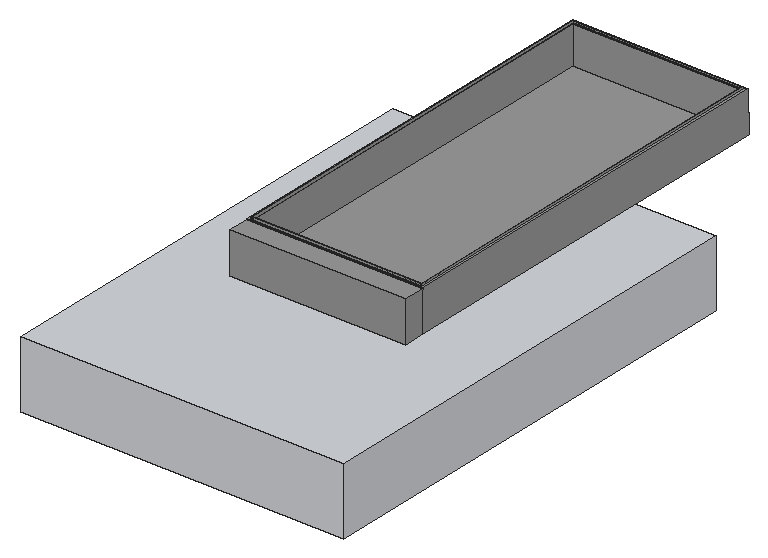
Revit family "Hager-Univers-IP30-D205-H1950-Cl.II-Encl-NL-en", category Equipement électrique, Revit 2020
Family settings
  Hôte = Face
  Configuration du panneau = Deux colonnes, circuits au sein
  Cote de connecteur circulaire = Utiliser le diamètre
  Type d'élément = Tableau de raccordement
  Couper avec des vides une fois chargée = Non
  Partagée = Non
  Point de calcul de pièce = Non
Parameters (values of type "Floor installation IP30 W800 H1950 D205  - FP23S1N")
  Width Control [instance] = if([EF000008 - Width] > Min Width, [EF000008 - Width], Min Width)  # 800 mm
  Commentaires du type = [HG000003 - Range]  # "Univers"
  Thickness Door [instance] = if([EF009171 - Material plate thickness door/cover] > 3 mm, 3 mm, [EF009171 - Material plate thickness door/cover])  # 1 mm
  Seal Frame Offset [instance] = 17 mm  # constant formula
  Plinth Visibility [instance] = [HG000027 - Plinth height] > 0 mm  # yes
  Model = ""
  Min Width [instance] = 100 mm  # constant formula
  Min Height [instance] = 100 mm  # constant formula
  Min Depth [instance] = (2 * [EF009170 - Material plate thickness cabinet]) + 1 mm  # 3 mm
  Internal Frame Depth [instance] = (Door System Depth * 0.5)  # 9 mm
  Height Control [instance] = if([EF000040 - Height] > Min Height, [EF000040 - Height], Min Height)  # 1950 mm
  HG000027 - Plinth height = 100 mm
  HG000026 - Floor standing = yes
  HG000024 - Bottom section height = 800 mm
  HG000023 - Double section enclosure = no
  HG000016 - Door 3d visibility [instance] = yes
  HG000015 - Clearance visibility [instance] = no
  HG000014 - Door on the right [instance] = yes
  HG000013 - Door on the left [instance] = not([HG000014 - Door on the right])  # no
  HG000012 - Door swing angle [instance] = 30.00°
  HG000010 - Asymmetric doors = no
  HG000009 - Double swing door = no
  HG000006 - Flush mounted = no
  HG000004 - Manufacturer reference = "FP23S1N"
  HG000003 - Range = "Univers"
  HG000002 - With door or cover = no
  Frame Offset Bottom [instance] = 10 mm  # constant formula
  Frame Offset [instance] = 15 mm  # constant formula
  EF015940 - Cover with overpressure release = no
  EF011959 - Degree of protection (NEMA) = ""
  EF009554 - Number of openings for flange plates = 6
  EF009212 - Cover model = "EV009916 - With notch"
  EF009171 - Material plate thickness door/cover = 1 mm
  EF009170 - Material plate thickness cabinet = 1 mm
  Fabricant = "Hager"  # constant formula
  EF008873 - Nominal current (In) = 400 A
  EF007800 - Suitable for lightning protection = no
  EF006306 - With lock = no
  EF006244 - Transparent cover/door = no
  EF005474 - Degree of protection (IP) = "EV006410 - IP30"
  EF004464 - Type of door = "EV000494 - None"
  EF004427 - Number of modules = 432
  EF004293 - Impact strength = "EV006813 - IK07"
  EF003532 - Suitable for outdoor use = no
  EF002950 - Width in number of modular spacings = 36
  EF001613 - Circuit integrity = "EV000494 - None"
  EF001596 - Material housing = "EV000179 - Steel"
  EF001131 - Internal depth = 130 mm
  EF001088 - Extension possible = yes
  EF000437 - Number of conduit inlets = 6
  EF000339 - Type of cover = "EV000494 - None"
  EF000266 - Number of rows = 12
  EF000218 - Built-in depth = 0 mm
  EF000118 - With mounting plate = no
  EF000116 - RAL-number = "9010"
  EF000049 - Depth = 205 mm
  EF000040 - Height = 1950 mm
  EF000008 - Width = 800 mm
  EF000007 - Colour = "EV000202 - White"
  EF000003 - Mounting method = "EV012274 - Floor installation"
  Door System Leaf Tolerance [instance] = 1.5 mm  # constant formula
  Door System Depth [instance] = 18 mm  # constant formula
  Door Height [instance] = Height Control - [HG000027 - Plinth height]  # 1850 mm
  Depth Control [instance] = if([EF000049 - Depth] > Min Depth, [EF000049 - Depth], Min Depth)  # 205 mm
  Default Elevation = 0 mm
  Connector Offset [instance] = Height Control / 2  # 975 mm
  Bottom Top Plate Trim [instance] = 1.5 mm  # constant formula
  Plinth height Ctrl [instance] = if([HG000027 - Plinth height] > 0 mm, [HG000027 - Plinth height], 12 mm)  # 100 mm
Types (5, lengths in mm): name | Width Control | HG000004 - Manufacturer reference | EF009554 - Number of openings for flange plates | EF008873 - Nominal current (In) | EF004427 - Number of modules | EF002950 - Width in number of modular spacings | EF000437 - Number of conduit inlets | EF000008 - Width
  Floor installation IP30 W1050 H1950 D205  - FP24S1N | 1050 | "FP24S1N" | 8 | 400 A | 576 | 48 | 8 | 1050
  Floor installation IP30 W1300 H1950 D205  - FP25S1N | 1300 | "FP25S1N" | 10 | 400 A | 720 | 60 | 10 | 1300
  Floor installation IP30 W300 H1950 D205  - FP21S1N | 300 | "FP21S1N" | 2 | 250 A | 144 | 12 | 2 | 300
  Floor installation IP30 W550 H1950 D205  - FP22S1N | 550 | "FP22S1N" | 4 | 400 A | 288 | 24 | 4 | 550
  Floor installation IP30 W800 H1950 D205  - FP23S1N | 800 | "FP23S1N" | 6 | 400 A | 432 | 36 | 6 | 800
Reference planes
  plane 1 "Center (Front/Back)": y = 0
  plane 2: z = 0
  plane 3 "Center (Left/Right)": x = 0
  plane 4: z = 205
  plane 5: y = 101
  plane 6: y = 1025
  plane 7: y = 100
  plane 8: y = 1950
  plane 9: z = 0
  plane 10: x = -385
  plane 11: x = 385
  plane 12: x = 384
  plane 13: x = -384
  plane 14: y = 1949
  plane 15: x = -383
  plane 16: x = -400
  plane 17: x = 383
  plane 18: x = 400
  plane 19: x = 399
  plane 20: x = -399
  plane 21: y = 111
  plane 22: y = 1950
  plane 23: y = 1934
  plane 24: z = 187
  plane 25: z = 1
  plane 26: z = 186
  plane 27: z = 204
Forms (mm)
  Extrusion 1, solid
    sketch origin (0, 0, 0) x (1, 0, 0) y (0, 1, 0)
      loop
        line (-702.964, 1305) -> (-702.964, -811.445) -> (766.763, -811.445) -> (766.763, 1305) -> (-702.964, 1305)
    from 0 to -304.8
  Extrusion 2, solid, material "Hager_Steel_RAL7035_Light_Grey", visible <- "Plinth Visibility", detail levels medium+fine
    sketch origin (0, 0, 0) x (1, 0, 0) y (0, 1, 0)
      loop
        line (-400, 0) -> (400, 0) -> (400, 100) -> (-400, 100) -> (-400, 0)
    from 0 to 187
  Extrusion 3, solid, material "Hager_Steel_RAL7035_Light_Grey", detail levels medium+fine
    sketch origin (0, 0, 0) x (1, 0, 0) y (0, 1, 0)
      loop
        line (-400, 100) -> (400, 100) -> (400, 1950) -> (-400, 1950) -> (-400, 100)
    from 0 to 187
  Extrusion 4, void
    sketch origin (0, 0, 0) x (1, 0, 0) y (0, 1, 0)
      loop
        line (-399, 101) -> (399, 101) -> (399, 1949) -> (-399, 1949) -> (-399, 101)
    from 1 to 186
  Extrusion 5, void
    sketch origin (-381.607, -4572, 187) x (0, -1, 0) y (-1, 0, 0)
      loop
        line (-4683, 2.393) -> (-6506, 2.393) -> (-6506, -765.607) -> (-4683, -765.607) -> (-4683, 2.393)
    from 0 to 1 <- "EF009170 - Material plate thickness cabinet"
  Extrusion 6, solid, material "Hager_Steel_RAL7035_Light_Grey", detail levels fine
    sketch origin (0, 0, 187) x (1, 0, 0) y (0, 1, 0)
      loop
        line (-384, 1934) -> (-384, 111) -> (384, 111) -> (384, 1934) -> (-384, 1934)
      loop
        line (-385, 110) -> (385, 110) -> (385, 1935) -> (-385, 1935) -> (-385, 110)
    from 0 to 9 <- "Internal Frame Depth"
  Extrusion 7, solid, material "Hager_Steel_RAL7035_Light_Grey", detail levels coarse
    sketch origin (0, 0, 0) x (1, 0, 0) y (0, 1, 0)
      loop
        line (-400, 0) -> (400, 0) -> (400, 1950) -> (-400, 1950) -> (-400, 0)
    from 0 to 205
  Sweep 8, void
    path in 3D
      loop
        line (-400, 100, 0) -> (400, 100, 0) -> (400, 100, 187) -> (-400, 100, 187) -> (-400, 100, 0)
    profile origin (-400, 100, 93.5) x (-1, 0, 0) y (0, -1, 0)
      loop
        line (0, 0) -> (0, 1.5) -> (-1.5, 1.5)
        arc (-1.5, 1.5) -> (-1.061, 0.439) -> (0, 0) r 1.5
Cuts and joins
  Extrusion 4, Extrusion 5 cuts Extrusion 3
  Sweep 8 cuts Extrusion 2
Lines and regions (mm)
  Masking region 1
    outline origin (0, 0, 0) x (1, 0, 0) y (0, 0, 1)
      loop
        line (-400, 205) -> (-400, 0) -> (400, 0) -> (400, 205) -> (-400, 205)
  Masking region 2, detail levels medium+fine
    outline origin (0, 140, 0) x (0, 1, 0) y (0, 0, 1)
      loop
        line (-40, 0) -> (1810, 0) -> (1810, 187) -> (-40, 187) -> (-40, 0)
  Masking region 3, not visible, detail levels medium+fine
    outline origin (0, 297.922, 0) x (0, 1, 0) y (0, 0, 1)
      loop
        line (738.578, 0) -> (778.578, 0) -> (778.578, 194)
        arc (778.578, 194) -> (775.649, 201.071) -> (768.578, 204) r 10
        line (768.578, 204) -> (738.578, 204) -> (738.578, 0)
  Masking region 4, detail levels coarse
    outline origin (0, 0, 180) x (0, 1, 0) y (0, 0, 1)
      loop
        line (0, -180) -> (1950, -180) -> (1950, 25) -> (0, 25) -> (0, -180)
  Masking region 5, visible <- "Plinth Visibility", detail levels medium+fine
    outline origin (0, 52.24, 12.345) x (0, 0, -1) y (0, 1, 0)
      loop
        line (10.845, 47.76) -> (-173.155, 47.76)
        arc (-173.155, 47.76) -> (-173.594, 46.699) -> (-174.655, 46.26) r 1.5
        line (-174.655, 46.26) -> (-174.655, -52.24) -> (12.345, -52.24) -> (12.345, 46.26)
        arc (12.345, 46.26) -> (11.285, 46.699) -> (10.845, 47.76) r 1.5
  Masking region 6, detail levels medium+fine
    outline origin (-381.607, -4572, 187) x (-1, 0, 0) y (0, -1, 0)
      loop
        line (18.393, -6522) -> (18.393, -4672) -> (-781.607, -4672) -> (-781.607, -6522) -> (18.393, -6522)
  Masking region 7, visible <- "Plinth Visibility", detail levels medium+fine
    outline origin (-381.607, -4727, 187) x (-1, 0, 0) y (0, -1, 0)
      loop
        arc (16.893, -4827) -> (17.332, -4825.939) -> (18.393, -4825.5) r 1.5
        line (18.393, -4825.5) -> (18.393, -4727) -> (-781.607, -4727) -> (-781.607, -4825.5)
        arc (-781.607, -4825.5) -> (-780.546, -4825.939) -> (-780.107, -4827) r 1.5
        line (-780.107, -4827) -> (16.893, -4827)
  Masking region 8, detail levels coarse
    outline origin (-442.548, -4669.526, 187) x (-1, 0, 0) y (0, -1, 0)
      loop
        line (-42.548, -6619.526) -> (-42.548, -4669.526) -> (-842.548, -4669.526) -> (-842.548, -6619.526) -> (-42.548, -6619.526)
  sketch lines
    curve 1: line (-400, 100, 187) -> (-400, 100, 0)
    curve 2: line (400, 100, 187) -> (-400, 100, 187)
    curve 3: line (400, 100, 187) -> (400, 100, 0)
    curve 4: line (-400, 100, 0) -> (400, 100, 0)
Dimensions and locks
  "Depth Control": plane 4 to Extrusion 1
  "HG000027 - Plinth height": plane 1 "Center (Front/Back)" to plane 7
  "EF009170 - Material plate thickness cabinet": plane 5 to plane 7
  locked: connector elem to plane 3 "Center (Left/Right)"
  equal spacing: plane 8, plane 6, plane 7
  locked: connector elem to plane 6
  "EF009170 - Material plate thickness cabinet": plane 8 to plane 14
  "EF009170 - Material plate thickness cabinet": plane 10 to plane 13
  "EF009170 - Material plate thickness cabinet": plane 12 to plane 11
  "Frame Offset": plane 20 to plane 13
  "Frame Offset": plane 12 to plane 19
  "EF009170 - Material plate thickness cabinet": plane 16 to plane 20
  "EF009170 - Material plate thickness cabinet": plane 19 to plane 18
  "Seal Frame Offset": plane 16 to plane 15
  "Seal Frame Offset": plane 17 to plane 18
  "Frame Offset Bottom": plane 21 to plane 5
  "Frame Offset": plane 14 to plane 23
  equal spacing: plane 16, plane 3 "Center (Left/Right)", plane 18
  "Width Control": plane 16 to plane 18
  "EF009170 - Material plate thickness cabinet": plane 4 to plane 27
  "EF009170 - Material plate thickness cabinet": plane 24 to plane 26
  "EF009170 - Material plate thickness cabinet": plane 25 to level
  "Door System Depth": plane 4 to plane 24
  "Height Control": plane 1 "Center (Front/Back)" to Extrusion 7 sketch curve
  "Height Control": Masking region 4 sketch curve to plane 1 "Center (Front/Back)"
  "Height Control": plane 1 "Center (Front/Back)" to plane 22
  "Bottom Top Plate Trim": profile plane to Sweep 8 sketch curve
  "Bottom Top Plate Trim": Sweep 8 sketch curve to profile plane
  "Plinth height Ctrl": plane 1 "Center (Front/Back)" to Extrusion 2 sketch curve
  "Plinth height Ctrl": Masking region 5 sketch curve to plane 1 "Center (Front/Back)"
  "Plinth height Ctrl": plane 1 "Center (Front/Back)" to Masking region 7 sketch curve
  "Thickness Door": Extrusion 6 sketch curve to Extrusion 6 sketch curve  (x3)
  "Thickness Door": cut or joined group of Extrusion 3, Extrusion 4, Extrusion 5 to Extrusion 6 sketch curve
  radius of Masking region 3 sketch curve = 10 mm
  "Bottom Top Plate Trim": radius of Masking region 5 sketch curve  (x2)
  "Bottom Top Plate Trim": radius of Sweep 8 sketch curve
  "Bottom Top Plate Trim": radius of Masking region 7 sketch curve  (x2)
  aligned and locked: plane 2 to Extrusion 1
  aligned and locked: level to Extrusion 1
  aligned and locked: level to Masking region 1 sketch curve
  aligned and locked: Masking region 1 sketch curve to plane 18
  aligned and locked: Masking region 1 sketch curve to plane 16
  aligned and locked: plane 7 to Masking region 2 sketch curve
  aligned and locked: level to Masking region 3 sketch curve
  aligned and locked: Masking region 3 sketch curve to plane 27
  aligned and locked: level to Masking region 2 sketch curve
  aligned and locked: plane 1 "Center (Front/Back)" to Extrusion 2 sketch curve
  aligned and locked: Extrusion 3 sketch curve to plane 7
  aligned and locked: plane 16 to Extrusion 3 sketch curve
  aligned and locked: plane 18 to Extrusion 3 sketch curve
  aligned and locked: plane 20 to Extrusion 4 sketch curve
  aligned and locked: plane 19 to Extrusion 4 sketch curve
  aligned and locked: Extrusion 4 sketch curve to plane 5
  aligned and locked: Extrusion 4 to plane 25
  aligned and locked: plane 26 to Extrusion 4
  aligned and locked: plane 24 to Extrusion 3
  aligned and locked: Extrusion 5 sketch curve to plane 21
  aligned and locked: Extrusion 5 sketch curve to plane 13
  aligned and locked: Extrusion 5 sketch curve to plane 12
  aligned and locked: plane 18 to Extrusion 7 sketch curve
  aligned and locked: plane 1 "Center (Front/Back)" to Extrusion 7 sketch curve
  aligned and locked: plane 16 to Extrusion 7 sketch curve
  aligned and locked: plane 4 to Extrusion 7
  aligned and locked: Extrusion 7 to level
  aligned and locked: level to Masking region 4 sketch curve
  aligned and locked: Masking region 4 sketch curve to plane 1 "Center (Front/Back)"
  aligned and locked: Masking region 4 sketch curve to plane 4
  aligned and locked: nested 1 to level
  aligned and locked: nested 1 to plane 16
  aligned and locked: plane 8 to Extrusion 3 sketch curve
  aligned and locked: plane 23 to Extrusion 5 sketch curve
  aligned and locked: plane 14 to Extrusion 4 sketch curve
  aligned and locked: Masking region 2 sketch curve to plane 8
  aligned and locked: level to Masking region 5 sketch curve
  aligned and locked: plane 16 to Extrusion 2 sketch curve
  aligned and locked: plane 18 to Extrusion 2 sketch curve
  aligned and locked: Masking region 5 sketch curve to plane 24
  aligned and locked: Masking region 2 sketch curve to plane 24
  aligned and locked: plane 24 to Extrusion 2
  aligned and locked: profile plane to Sweep 8 sketch curve  (x2)
  aligned and locked: Masking region 6 sketch curve to plane 18
  aligned and locked: Masking region 6 sketch curve to plane 22
  aligned and locked: Masking region 6 sketch curve to plane 16
  aligned and locked: plane 8 to plane 22
  aligned and locked: Masking region 6 sketch curve to plane 7
  aligned and locked: Masking region 7 sketch curve to plane 16
  aligned and locked: Masking region 7 sketch curve to plane 1 "Center (Front/Back)"
  aligned and locked: Masking region 7 sketch curve to plane 18
  aligned and locked: Masking region 8 sketch curve to plane 1 "Center (Front/Back)"
  aligned and locked: Masking region 8 sketch curve to plane 18
  aligned and locked: Masking region 8 sketch curve to plane 22
  aligned and locked: Masking region 8 sketch curve to plane 16
  aligned and locked: nested 2 to plane 7
  aligned and locked: plane 3 "Center (Left/Right)" to nested 2
  aligned and locked: nested 2 to plane 24
  aligned and locked: Extrusion 6 sketch curve to cut or joined group of Extrusion 3, Extrusion 4, Extrusion 5  (x4)
Automatic sketch dimensions
  Extrusion 1 sketch curve to Extrusion 1 sketch curve = 1469.727 mm
  Extrusion 1 sketch curve to Extrusion 1 sketch curve = 2116.445 mm
  Masking region 1 sketch curve to plane 4 = 0 mm
  plane 6 to Masking region 3 sketch curve = 11.5 mm
  Masking region 3 sketch curve to Masking region 3 sketch curve = 30 mm
  Masking region 5 sketch curve to plane 1 "Center (Front/Back)" = 0 mm
Nested families
  nested 1: "Hager_Enclosure_Symbol" at (-400, 0, 0) x (1, 0, 0) z (0, -1, 0), Height <- "Depth Control", Width <- "Width Control", type "Hager_Enclosure_Symbol"
    with Width_Ctrl 800 mm, Width 800 mm, Height_Ctrl 205 mm, Height 205 mm, A_Width_Int 13.453 mm, A_Width 161.438 mm, A_Height_Ctrl 179.375 mm, A_Height 179.375 mm
  nested 2: "EC000058_Univers_Door" at (0, 100, 187) x (1, 0, 0) z (0, 1, 0), Leaf_Tolerance <- "Door System Leaf Tolerance", Angle <- "HG000012 - Door swing angle", Door_Depth <- "Door System Depth", Door_Left <- "HG000013 - Door on the left", Transparent <- "EF006244 - Transparent cover/door", Assymetrical <- "HG000010 - Asymmetric doors", Width <- "Width Control", Clearance <- "HG000015 - Clearance visibility", Double <- "HG000009 - Double swing door", 3d_Door <- "HG000016 - Door 3d visibility", Lock_Visibility <- "EF006306 - With lock", Width_Ctrl <- "Width Control", Door_Right <- "HG000014 - Door on the right", Door <- "HG000002 - With door or cover", Height <- "Door Height", Thickness <- "Thickness Door", type "EC000058_Univers_Door", detail levels medium+fine
    with min_wh 3 mm, Width_Ctrl 800 mm, Width 800 mm, Transparent no, Thickness 1 mm, Seal_Material Hager_Rubber, Lock_Visibility no, Lock_Material Hager_Plastic_RAL9005_Jet_Black, Leaf_Width 800 mm, Leaf_Tolerance_External_Sides 0 mm, Leaf_Tolerance 1.5 mm, Leaf_Offset 0 mm, Leaf_Height 1847 mm, Leaf_2_Width 800 mm, Leaf_2_Offset 400 mm, Leaf_1_Width 800 mm, Leaf_1_Offset 400 mm, Height_Ctrl 1850 mm, Height 1850 mm, Glass_Material Hager_Glass, Double_Clearance_Ctrl no, Double no, Door_Right_Ctrl no, Door_Right yes, Door_Material Hager_Steel_RAL7035_Light_Grey, Door_Left_Ctrl no, Door_Left no, Door_Depth 18 mm, Door no, Clearance_Material Hager_Clearance, Clearance_Depth 800 mm, Clearance_Ctrl no, Clearance no, Assymetrical no, Angle 30.00°, 3d_Door yes
Connectors
  electrical at (0, 1025, 0)
    settings: on plane 9, index 1, voltage 0 V, apparent load 0 VA, apparent load phase1 0 VA, apparent load phase2 0 VA, apparent load phase3 0 VA, power factor 1, load classification "Other", number of poles 1, system type 30, power factor state 1, is connector primary yes, connector utility no, sub classification motor no, connector description ""
Definition of nested family "Hager_Enclosure_Symbol"
  Parameters (values of type "Hager_Enclosure_Symbol")
    Width_Ctrl [instance] = if(Width > 1 mm, Width, 1 mm)  # 102.27 mm
    Width [instance] = 102.27 mm
    Height_Ctrl [instance] = if(Height > 1 mm, Height, 1 mm)  # 66.5 mm
    A_Width_Int [instance] = if(A_Width / 12 > 2 mm, A_Width / 12, 2 mm)  # 4.364 mm
    A_Width [instance] = if(A_Height_Ctrl * 0.9 > 2 mm, A_Height_Ctrl * 0.9, 2 mm)  # 52.369 mm
    A_Height_Ctrl [instance] = if(A_Height > 2 mm, A_Height, 2 mm)  # 58.188 mm
    Height [instance] = 66.5 mm
    A_Height [instance] = Height - (Height / 8)  # 58.188 mm
  Reference planes
    plane 1 "Centre (avant/arrière)": y = 0
    plane 2: z = 0
    plane 3 "Centre (gauche/droite)": x = 0
    plane 4: x = 52.369
    plane 5: y = 33.042
    plane 6: y = 41.77
    plane 7: y = 66.5
    plane 8: x = 26.184
    plane 9: y = 37.406
    plane 10: x = 102.27
    plane 11: y = 66.5
    plane 12: y = 8.313
  Lines and regions (mm)
    Filled region 1, type "Solid_Black", in view "Niveau de réf."
      outline origin (0, 0, 0) x (1, 0, 0) y (0, 1, 0)
        loop
          line (52.369, 66.5) -> (33.188, 54.536) -> (45.365, 45.006) -> (52.369, 66.5)
    Filled region 2, type "Solid_Black", in view "Niveau de réf."
      outline origin (0, 0, 0) x (1, 0, 0) y (0, 1, 0)
        loop
          line (0, 0) -> (102.27, 0) -> (102.27, 66.5) -> (0, 0)
    detail lines, in view "Niveau de réf."
      curve 1: line (0, 8.313, 0) -> (26.184, 41.77, 0)
      curve 2: line (26.184, 41.77, 0) -> (26.184, 33.042, 0)
      curve 3: line (26.184, 33.042, 0) -> (52.369, 66.5, 0)
  Dimensions and locks
    "A_Width": plane 3 "Centre (gauche/droite)" to plane 4
    equal spacing: plane 3 "Centre (gauche/droite)", plane 8, plane 4
    equal spacing: plane 6, plane 9, plane 5
    equal spacing: curve 3, Filled region 1 sketch curve, Filled region 1 sketch curve
    "Height_Ctrl": plane 1 "Centre (avant/arrière)" to plane 11
    "A_Height_Ctrl": plane 11 to plane 12
    equal spacing: plane 11, plane 9, plane 12
    "A_Width_Int": plane 6 to plane 9
    "Width_Ctrl": plane 3 "Centre (gauche/droite)" to plane 10
    angle Filled region 1 sketch curve to curve 3 = 20.00°
    angle curve 3 to Filled region 1 sketch curve = 20.00°
    locked: curve 3 to Filled region 1 sketch curve (angle 90.00°)
    aligned and locked: plane 10 to Filled region 2
    aligned and locked: plane 11 to Filled region 2 sketch curve
    aligned and locked: plane 10 to Filled region 2 sketch curve
    aligned and locked: plane 3 "Centre (gauche/droite)" to curve 1
    aligned and locked: plane 12 to curve 1
    aligned and locked: plane 7 to plane 11
  Automatic sketch dimensions
    Filled region 1 sketch curve to plane 4 = 0 mm
    Filled region 1 sketch curve to plane 7 = 0 mm
    plane 1 "Centre (avant/arrière)" to Filled region 2 sketch curve = 0 mm
    Filled region 2 sketch curve to plane 3 "Centre (gauche/droite)" = 0 mm
    curve 2 to plane 6 = 0 mm
    curve 2 to plane 8 = 0 mm
    curve 3 to plane 4 = 0 mm
    curve 2 to plane 5 = 0 mm
    curve 3 to plane 7 = 0 mm
Definition of nested family "EC000058_Univers_Door"
  Parameters (values of type "EC000058_Univers_Door")
    min_wh [instance] = (2 * Thickness) + 1 mm  # 11 mm
    Width_Ctrl [instance] = 400 mm
    Width [instance] = 500 mm
    Transparent [instance] = yes
    Thickness [instance] = 5 mm
    Seal_Material [instance] = none
    Lock_Visibility [instance] = yes
    Lock_Material [instance] = none
    Leaf_Width [instance] = if((Width_Ctrl - 2 * Leaf_Tolerance_External_Sides) > 0 mm, (Width_Ctrl - 2 * Leaf_Tolerance_External_Sides), min_wh)  # 400 mm
    Leaf_Tolerance_External_Sides [instance] = 0 mm  # constant formula
    Leaf_Tolerance [instance] = 1.5 mm
    Leaf_Offset [instance] = 0 mm  # constant formula
    Leaf_Height [instance] = if((Height_Ctrl - 2 * Leaf_Tolerance) > 0 mm, (Height_Ctrl - 2 * Leaf_Tolerance), min_wh)  # 497 mm
    Leaf_2_Width [instance] = if(and(and(Double, Assymetrical), Door_Left), (Leaf_Width / 3) - (Leaf_Tolerance / 2), if(and(and(Double, Assymetrical), Door_Right), (Leaf_Width / 3) * 2 - (Leaf_Tolerance / 2), if(and(Double, not(Assymetrical)), (Leaf_Width / 2) - Leaf_Tolerance, Leaf_Width)))  # 400 mm
    Leaf_2_Offset [instance] = if(and(Double, Assymetrical), Leaf_2_Width / 2, if(and(Double, not(Assymetrical)), Leaf_Width / 4, Leaf_Width / 2))  # 200 mm
    Leaf_1_Width [instance] = if(and(and(Double, Assymetrical), Door_Right), (Leaf_Width / 3) - (Leaf_Tolerance / 2), if(and(and(Double, Assymetrical), Door_Left), (Width / 3) * 2 - (Leaf_Tolerance / 2), if(and(Double, not(Assymetrical)), (Leaf_Width / 2) - Leaf_Tolerance, Leaf_Width)))  # 400 mm
    Leaf_1_Offset [instance] = if(and(Double, Assymetrical), Leaf_1_Width / 2, if(and(Double, not(Assymetrical)), Leaf_Width / 4, Leaf_Width / 2))  # 200 mm
    Height_Ctrl [instance] = if(Height > min_wh, Height, min_wh)  # 500 mm
    Height [instance] = 500 mm
    Glass_Material [instance] = none
    Double_Clearance_Ctrl [instance] = and(Double, Clearance)  # no
    Double [instance] = no
    Door_Right_Ctrl [instance] = and(or(Door_Right, Double), Door)  # yes
    Door_Right [instance] = yes
    Door_Material [instance] = none
    Door_Left_Ctrl [instance] = and(or(Door_Left, Double), Door)  # no
    Door_Left [instance] = no
    Door_Depth [instance] = 30 mm
    Door [instance] = yes
    Default Elevation = 1219.2 mm
    Clearance_Material [instance] = none
    Clearance_Depth [instance] = if(Leaf_1_Width > Leaf_2_Width, Leaf_1_Width, Leaf_2_Width)  # 400 mm
    Clearance_Ctrl [instance] = and(not(Double), Clearance)  # yes
    Clearance [instance] = yes
    Assymetrical [instance] = yes
    Angle [instance] = 30.00°
    3d_Door [instance] = yes
  Reference planes
    plane 1 "Center (Front/Back)": y = 0
    plane 2 "Bottom": z = 0
    plane 3 "Center (Left/Right)": x = 0
    plane 4: z = 500
    plane 5: x = -200
    plane 6: x = 200
    plane 7: z = 500
    plane 8: x = -200
    plane 9: z = 0
    plane 10: x = 200
    plane 11: y = 0
    plane 12: z = 1.5
    plane 13: x = -600
    plane 14: y = -400
    plane 15: x = 600
    plane 16: x = 0
    plane 17: x = 0
    plane 18: x = -200
    plane 19: x = 200
    plane 20: z = 498.5
  Forms (mm)
    Extrusion 1, solid, material <- "Clearance_Material", visible <- "Double_Clearance_Ctrl"
      sketch origin (1200, 0, 0) x (1, 0, 0) y (0, 0, -1)
        loop
          line (-1800, -498.5) -> (-600, -498.5) -> (-600, 0) -> (-1800, 0) -> (-1800, -498.5)
      from 0 to -400
  Dimensions and locks
    equal spacing: plane 5, plane 3 "Center (Left/Right)", plane 6
    "Width_Ctrl": plane 5 to plane 6
    "Leaf_Offset": plane 5 to plane 8
    "Leaf_Offset": plane 6 to plane 10
    "Leaf_Offset": plane 9 to level
    "Leaf_Offset": plane 4 to plane 7
    "Height_Ctrl": plane 4 to level
    "Leaf_Tolerance": plane 12 to plane 9
    locked: plane 11 to plane 1 "Center (Front/Back)"
    "Leaf_1_Offset": plane 18 to plane 16
    "Leaf_2_Offset": plane 17 to plane 19
    "Leaf_1_Width": plane 13 to plane 8
    "Leaf_2_Width": plane 10 to plane 15
    "Clearance_Depth": plane 14 to plane 1 "Center (Front/Back)"
    "Leaf_Tolerance_External_Sides": plane 8 to plane 18
    "Leaf_Tolerance_External_Sides": plane 19 to plane 10
    "Leaf_Tolerance": plane 7 to plane 20
    aligned and locked: level to plane 2 "Bottom"
    aligned and locked: nested 1 to plane 16
    aligned and locked: nested 2 to plane 17
    aligned and locked: Extrusion 1 to plane 13
    aligned and locked: plane 15 to Extrusion 1
    aligned and locked: Extrusion 1 to plane 14
    aligned and locked: plane 12 to nested 1
    aligned and locked: nested 2 to plane 12
    aligned and locked: Extrusion 1 to plane 11
    aligned and locked: plane 20 to Extrusion 1
    aligned and locked: nested 2 to plane 11
    aligned and locked: nested 1 to plane 11
  Automatic sketch dimensions
    Extrusion 1 sketch curve to level = 0 mm
    plane 5 to Extrusion 1 sketch curve = 400 mm
    plane 6 to Extrusion 1 sketch curve = 400 mm
    Extrusion 1 sketch curve to plane 4 = 1.5 mm
  Nested families
    nested 1: "EC000058_Univers_Door_Leaf" at (0, 0, 1.5), Width <- "Leaf_1_Width", visible <- "Door_Left_Ctrl", Leaf_Height <- "Leaf_Height", Angle <- "Angle", 3d_Door <- "3d_Door", Transparent <- "Transparent", Clearance Material <- "Clearance_Material", Clearance <- "Clearance_Ctrl", Door_Material <- "Door_Material", Glass_Material <- "Glass_Material", Door_Depth <- "Door_Depth", Lock_Material <- "Lock_Material", Seal_Material <- "Seal_Material", Lock_Visibility <- "Lock_Visibility", Thickness <- "Thickness", type "EC000058_Univers_Door_Leaf"
      with Width 400 mm, Transparent_Glass_Offset 30 mm, Transparent_Ctrl yes, Transparent yes, Thickness 5 mm, Standard no, Seal_Material none, Seal_D2 8 mm, Seal_D1 1 mm, Offset_Internal_Frame 10 mm, Lock_Width 20 mm, Lock_Visibility_3d yes, Lock_Visibility yes, Lock_Thickness_3 3 mm, Lock_Thickness_2 1 mm, Lock_Thickness_1 3 mm, Lock_Radius_Offset_2 16 mm, Lock_Radius_Offset_1 15 mm, Lock_Radius_2 5 mm, Lock_Radius 6 mm, Lock_Offset 5 mm, Lock_Material none, Lock_Height 80 mm, Lock_Cover_Top_Offset_2d 17 mm, Lock_Cover_Height -65 mm, Leaf_Height 497 mm, Internal_Seal_Thickness 8 mm, Internal_Seal_Depth_2 4.5 mm, Internal_Frame_Depth 25 mm, Glass_Thickness -1 mm, Glass_Offset -2 mm, Glass_Material none, Door_Material none, Door_Depth 30 mm, Clearance Material none, Clearance yes, Angle_Ctrl 30.00°, Angle 30.00°, 3d_Door yes
    nested 2: "EC000058_Univers_Door_Leaf" at (0, 0, 1.5) x (-1, 0, 0) z (0, 0, 1), Width <- "Leaf_2_Width", visible <- "Door_Right_Ctrl", Leaf_Height <- "Leaf_Height", Angle <- "Angle", 3d_Door <- "3d_Door", Transparent <- "Transparent", Clearance Material <- "Clearance_Material", Clearance <- "Clearance_Ctrl", Door_Material <- "Door_Material", Glass_Material <- "Glass_Material", Door_Depth <- "Door_Depth", Lock_Material <- "Lock_Material", Seal_Material <- "Seal_Material", Lock_Visibility <- "Lock_Visibility", Thickness <- "Thickness", type "EC000058_Univers_Door_Leaf"
      with Width 400 mm, Transparent_Glass_Offset 30 mm, Transparent_Ctrl yes, Transparent yes, Thickness 5 mm, Standard no, Seal_Material none, Seal_D2 8 mm, Seal_D1 1 mm, Offset_Internal_Frame 10 mm, Lock_Width 20 mm, Lock_Visibility_3d yes, Lock_Visibility yes, Lock_Thickness_3 3 mm, Lock_Thickness_2 1 mm, Lock_Thickness_1 3 mm, Lock_Radius_Offset_2 16 mm, Lock_Radius_Offset_1 15 mm, Lock_Radius_2 5 mm, Lock_Radius 6 mm, Lock_Offset 5 mm, Lock_Material none, Lock_Height 80 mm, Lock_Cover_Top_Offset_2d 17 mm, Lock_Cover_Height -65 mm, Leaf_Height 497 mm, Internal_Seal_Thickness 8 mm, Internal_Seal_Depth_2 4.5 mm, Internal_Frame_Depth 25 mm, Glass_Thickness -1 mm, Glass_Offset -2 mm, Glass_Material none, Door_Material none, Door_Depth 30 mm, Clearance Material none, Clearance yes, Angle_Ctrl 30.00°, Angle 30.00°, 3d_Door yes
  Definition of nested family "EC000058_Univers_Door_Leaf"
    Parameters (values of type "EC000058_Univers_Door_Leaf")
      Width [instance] = 2000 mm
      Transparent_Glass_Offset [instance] = 30 mm
      Transparent_Ctrl [instance] = and(Transparent, [3d_Door])  # yes
      Transparent [instance] = yes
      Thickness [instance] = 5 mm
      Standard [instance] = and(not(Transparent), [3d_Door])  # no
      Seal_Material [instance] = none
      Seal_D2 [instance] = 8 mm  # constant formula
      Seal_D1 [instance] = 1 mm  # constant formula
      Offset_Internal_Frame [instance] = 10 mm  # constant formula
      Lock_Width [instance] = 20 mm  # constant formula
      Lock_Visibility_3d [instance] = and(Lock_Visibility, [3d_Door])  # yes
      Lock_Visibility [instance] = yes
      Lock_Thickness_3 [instance] = 3 mm  # constant formula
      Lock_Thickness_2 [instance] = 1 mm  # constant formula
      Lock_Thickness_1 [instance] = 3 mm  # constant formula
      Lock_Radius_Offset_2 [instance] = Lock_Radius_Offset_1 + 1 mm  # 16 mm
      Lock_Radius_Offset_1 [instance] = 15 mm  # constant formula
      Lock_Radius_2 [instance] = Lock_Radius - 1 mm  # 5 mm
      Lock_Radius [instance] = 6 mm  # constant formula
      Lock_Offset [instance] = 5 mm  # constant formula
      Lock_Material [instance] = none
      Lock_Height [instance] = 80 mm  # constant formula
      Lock_Cover_Top_Offset_2d [instance] = Lock_Radius_Offset_2 + 1 mm  # 17 mm
      Lock_Cover_Height [instance] = -(Lock_Height - Lock_Radius_Offset_1)  # -65 mm
      Leaf_Height [instance] = 2720.336 mm
      Internal_Seal_Thickness [instance] = 8 mm  # constant formula
      Internal_Seal_Depth_2 [instance] = 4.5 mm  # constant formula
      Internal_Frame_Depth [instance] = if(Door_Depth - Thickness > 5 mm, Door_Depth - Thickness, 5 mm)  # 25 mm
      Glass_Thickness [instance] = if(Thickness > 15 mm, Glass_Offset + 10 mm, -1 mm)  # -1 mm
      Glass_Offset [instance] = if(Thickness > 15 mm, -(Thickness + 10 mm) / 2, -2 mm)  # -2 mm
      Glass_Material [instance] = none
      Door_Material [instance] = none
      Door_Depth [instance] = 30 mm
      Default Elevation = 0 mm
      Clearance Material [instance] = none
      Clearance [instance] = yes
      Angle_Ctrl [instance] = if(Angle > 180.00°, 180.00°, Angle)  # 90.00°
      Angle [instance] = 90.00°
      3d_Door [instance] = yes
    Reference planes
      plane 1 "Center (Front/Back)": y = 0
      plane 2: z = 0
      plane 3 "Center (Left/Right)": x = 0
      plane 4: y = 2000
      plane 5: x = -1000
      plane 6: x = 1000
      plane 7: x = -3000
      plane 8: z = 2720.336
      plane 9: z = 30
      plane 10: z = 2690.336
      plane 11: x = 970
      plane 12: x = -970
      plane 13: y = -3
      plane 14: z = 107.833
      plane 15: y = -5
      plane 16: y = -223.314
      plane 17: x = -1000
      plane 18: z = 1360.168
      plane 19: y = 30
    Forms (mm)
      Extrusion 1, solid, material <- "Clearance Material", visible <- "Clearance"
        sketch origin (0, 0, 0) x (1, 0, 0) y (0, 0, 1)
          loop
            line (-3000, 2720.336) -> (-3000, 0) -> (1000, 0) -> (1000, 2720.336) -> (-3000, 2720.336)
        from 0 to -2000
      Extrusion 2, solid, material <- "Door_Material", visible <- "Standard", detail levels medium+fine
        sketch origin (-1000, 0, 0) x (0, 1, 0) y (-1, 0, 0)
          loop
            line (0, 30) -> (0, 25) -> (2000, 25) -> (2000, 30) -> (0, 30)
        from 0 to 2720.336 <- "Leaf_Height"
      Extrusion 3, solid, material <- "Door_Material", visible <- "Transparent_Ctrl", detail levels medium+fine
        sketch origin (-1000, 0, 0) x (0, 1, 0) y (-1, 0, 0)
          loop
            line (0, 25) -> (2000, 25) -> (2000, 30) -> (0, 30) -> (0, 25)
        from 0 to 2720.336 <- "Leaf_Height"
      Extrusion 4, void
        sketch origin (-1025, 2000, 0) x (0, 1, 0) y (0, 0, -1)
          loop
            line (-30, -2690.336) -> (-30, -30) -> (-1970, -30) -> (-1970, -2690.336) -> (-30, -2690.336)
        from 0 to 5 <- "Thickness"
      Sweep 5, solid, material <- "Seal_Material", visible <- "Transparent_Ctrl", detail levels fine
        path in 3D
          loop
            line (-1025, 30, 30) -> (-1025, 30, 2690.336) -> (-1025, 1970, 2690.336) -> (-1025, 1970, 30) -> (-1025, 30, 30)
        profile origin (-1025, 1000, 30) x (1, 0, 0) y (0, 0, 1)
          loop
            line (0, 0) -> (0, -8) -> (1, -8) -> (1, 0) -> (0, 0)
      Extrusion 6, solid, material <- "Glass_Material", visible <- "Transparent_Ctrl", detail levels medium+fine
        sketch origin (-1030, 0, 0) x (0, 1, 0) y (0, 0, -1)
          loop
            line (1970, -2690.336) -> (1970, -30) -> (30, -30) -> (30, -2690.336) -> (1970, -2690.336)
        from -2 <- "Glass_Offset" to -1 <- "Glass_Thickness"
      Extrusion 7, solid, material <- "Door_Material", visible <- "3d_Door", detail levels medium+fine
        sketch origin (-1025, 2000, 0) x (0, -1, 0) y (0, 0, -1)
          loop
            line (0, -2720.336) -> (2000, -2720.336) -> (2000, 0) -> (0, 0) -> (0, -2720.336)
          loop
            line (1995, -5) -> (5, -5) -> (5, -2715.336) -> (1995, -2715.336) -> (1995, -5)
        from 0 to 25 <- "Internal_Frame_Depth"
      Sweep 8, solid, material <- "Seal_Material", visible <- "Transparent_Ctrl", detail levels fine
        path in 3D
          loop
            line (-1025, 0, 0) -> (-1025, 2000, 0) -> (-1025, 2000, 2720.336) -> (-1025, 0, 2720.336) -> (-1025, 0, 0)
        profile origin (-1025, 0, 1360.168) x (1, 0, 0) y (0, 1, 0)
          loop
            line (0, 10) -> (2.975, 10)
            arc (2.975, 10) -> (4.053, 10.447) -> (4.5, 11.525) r 1.525
            line (4.5, 11.525) -> (4.5, 16.527)
            arc (4.5, 16.527) -> (4.069, 17.569) -> (3.027, 18) r 1.473
            line (3.027, 18) -> (0, 18) -> (0, 10)
      Extrusion 9, solid, material <- "Lock_Material", visible <- "Lock_Visibility_3d", detail levels fine
        sketch origin (-1030, 0, 0) x (0, 1, 0) y (0, 0, -1)
          loop
            arc (1993.5, -1400.168) -> (1994.561, -1399.729) -> (1995, -1398.668) r 1.5
            line (1995, -1398.668) -> (1995, -1320.168) -> (1975, -1320.168) -> (1975, -1398.668)
            arc (1975, -1398.668) -> (1975.439, -1399.729) -> (1976.5, -1400.168) r 1.5
            line (1976.5, -1400.168) -> (1993.5, -1400.168)
        from 3 <- "Lock_Thickness_1" to 0
      Blend 10, solid, material <- "Lock_Material", visible <- "Lock_Visibility_3d", detail levels fine
        base sketch origin (-1033, 0, 0) x (0, 1, 0) y (0, 0, -1)
          loop
            line (1975, -1320.168) -> (1975, -1398.668)
            arc (1975, -1398.668) -> (1975.439, -1399.729) -> (1976.5, -1400.168) r 1.5
            line (1976.5, -1400.168) -> (1993.5, -1400.168)
            arc (1993.5, -1400.168) -> (1994.561, -1399.729) -> (1995, -1398.668) r 1.5
            line (1995, -1398.668) -> (1995, -1320.168) -> (1975, -1320.168)
        top sketch origin (-1033, 0, 0) x (0, 1, 0) y (0, 0, -1)
          loop
            line (1976, -1320.168) -> (1976, -1398.668)
            arc (1976, -1398.668) -> (1976.146, -1399.022) -> (1976.5, -1399.168) r 0.5
            line (1976.5, -1399.168) -> (1993.5, -1399.168)
            arc (1993.5, -1399.168) -> (1993.854, -1399.022) -> (1994, -1398.668) r 0.5
            line (1994, -1398.668) -> (1994, -1320.168) -> (1976, -1320.168)
        from 0 to 1 <- "Lock_Thickness_2"
      Blend 11, solid, material <- "Lock_Material", visible <- "Lock_Visibility_3d", detail levels fine
        base sketch origin (-1034, 0, 0) x (0, 1, 0) y (0, 0, -1)
          loop
            line (1978, -1320.168) -> (1978, -1384.168)
            arc (1978, -1384.168) -> (1985, -1391.168) -> (1992, -1384.168) r 7
            line (1992, -1384.168) -> (1992, -1320.168) -> (1978, -1320.168)
        top sketch origin (-1034, 0, 0) x (0, 1, 0) y (0, 0, -1)
          loop
            line (1991, -1320.168) -> (1979, -1320.168) -> (1979, -1383.168)
            arc (1979, -1383.168) -> (1985, -1389.168) -> (1991, -1383.168) r 6
            line (1991, -1383.168) -> (1991, -1320.168)
        from 0 to 3 <- "Lock_Thickness_3"
      Extrusion 12, solid, material <- "Lock_Material", visible <- "Lock_Visibility_3d", detail levels fine
        sketch origin (-1030, 1975, 1320.168) x (1, 0, 0) y (0, -1, 0)
          loop
            line (-7, -19) -> (-7, -1) -> (0, -1) -> (0, 0) -> (-8, 0) -> (-8, -20) -> (0, -20) -> (0, -19) -> (-7, -19)
        from 0 to -65 <- "Lock_Cover_Height"
      Extrusion 13, void
        sketch origin (-1038, 1995, 1320.168) x (-1, 0, 0) y (0, 0, -1)
          loop
            line (-5, -65) -> (0, -65) -> (-5, -60) -> (-5, -65)
        from 0 to 20 <- "Lock_Width"
      Extrusion 14, void
        sketch origin (-1038, 1975, 1320.168) x (0, -1, 0) y (0, 0, -1)
          loop
            circle (-10, -15.995) r 6
          loop
            circle (-10, -15.995) r 5
        from 0 to 2
      Extrusion 15, solid, material <- "Lock_Material", visible <- "Lock_Visibility_3d", detail levels medium
        sketch origin (-1030, 0, 0) x (0, 1, 0) y (0, 0, -1)
          loop
            arc (1993.5, -1400.168) -> (1994.561, -1399.729) -> (1995, -1398.668) r 1.5
            line (1995, -1398.668) -> (1995, -1320.168) -> (1975, -1320.168) -> (1975, -1398.668)
            arc (1975, -1398.668) -> (1975.439, -1399.729) -> (1976.5, -1400.168) r 1.5
            line (1976.5, -1400.168) -> (1993.5, -1400.168)
        from 8 to 0
    Cuts and joins
      Extrusion 4 cuts Extrusion 3
      Extrusion 13, Extrusion 14 cuts Extrusion 9
      Extrusion 14 cuts Blend 11
      Extrusion 13, Extrusion 14 cuts Extrusion 12
      joined: Extrusion 9, Blend 10, Blend 11, Extrusion 12
      Extrusion 14 cuts Extrusion 15
    Lines and regions (mm)
      Masking region 1, visible <- "Lock_Visibility", detail levels fine
        outline origin (0, 0, 0) x (0, 1, 0) y (0, 0, 1)
          loop
            line (30, 1320.168) -> (33, 1320.168) -> (33, 1400.168) -> (30, 1400.168) -> (30, 1320.168)
      Masking region 2, visible <- "Lock_Visibility", detail levels fine
        outline origin (0, 3.143, 0) x (0, 1, 0) y (0, 0, 1)
          loop
            line (29.857, 1354.168) -> (30.857, 1354.168) -> (30.857, 1366.168) -> (29.857, 1366.168) -> (29.857, 1354.168)
      Masking region 3, detail levels medium+fine
        outline origin (0, 0, 0) x (0, 1, 0) y (0, 0, 1)
          loop
            line (0, 0) -> (30, 0) -> (30, 2720.336) -> (0, 2720.336) -> (0, 0)
      Masking region 4, detail levels medium+fine
        outline origin (0, 0, 0) x (1, 0, 0) y (0, 0, 1)
          loop
            line (-1000, 2720.336) -> (-1000, 0) -> (1000, 0) -> (1000, 2720.336) -> (-1000, 2720.336)
      Masking region 5, visible <- "Lock_Visibility", detail levels fine
        outline origin (-47.116, 0, 0) x (1, 0, 0) y (0, 0, 1)
          loop
            arc (1024.616, 1399.168) -> (1023.556, 1398.729) -> (1023.116, 1397.668) r 1.5
            line (1023.116, 1397.668) -> (1023.116, 1320.168) -> (1041.116, 1320.168) -> (1041.116, 1397.668)
            arc (1041.116, 1397.668) -> (1040.677, 1398.729) -> (1039.616, 1399.168) r 1.5
            line (1039.616, 1399.168) -> (1024.616, 1399.168)
      Masking region 6, visible <- "Lock_Visibility", detail levels medium+fine
        outline origin (-25, 0, 0) x (1, 0, 0) y (0, 0, 1)
          loop
            arc (1001.5, 1400.168) -> (1000.439, 1399.729) -> (1000, 1398.668) r 1.5
            line (1000, 1398.668) -> (1000, 1320.168) -> (1020, 1320.168) -> (1020, 1398.668)
            arc (1020, 1398.668) -> (1019.561, 1399.729) -> (1018.5, 1400.168) r 1.5
            line (1018.5, 1400.168) -> (1001.5, 1400.168)
      Masking region 7, visible <- "Lock_Visibility", detail levels fine
        outline origin (-73.735, 0, 0) x (1, 0, 0) y (0, 0, 1)
          loop
            line (1051.735, 1382.168) -> (1065.735, 1382.168) -> (1065.735, 1384.168)
            arc (1065.735, 1384.168) -> (1058.735, 1391.168) -> (1051.735, 1384.168) r 7
            line (1051.735, 1384.168) -> (1051.735, 1382.168)
      Masking region 8, visible <- "Lock_Visibility", detail levels fine
        outline origin (-73.735, 0, 0) x (1, 0, 0) y (0, 0, 1)
          loop
            line (1052.735, 1382.168) -> (1064.735, 1382.168) -> (1064.735, 1383.168)
            arc (1064.735, 1383.168) -> (1058.735, 1389.168) -> (1052.735, 1383.168) r 6
            line (1052.735, 1383.168) -> (1052.735, 1382.168)
      Masking region 9, visible <- "Lock_Visibility", detail levels fine
        outline origin (-25, 0, 0) x (1, 0, 0) y (0, 0, 1)
          loop
            line (1020, 1320.168) -> (1020, 1382.168) -> (1000, 1382.168) -> (1000, 1320.168) -> (1020, 1320.168)
      Masking region 10, detail levels medium+fine
        outline origin (0, 0, 0) x (1, 0, 0) y (0, 0, 1)
          loop
            circle (985, 1335.144) r 6
      Masking region 11, detail levels fine
        outline origin (0, 0, 0) x (1, 0, 0) y (0, 0, 1)
          loop
            circle (985, 1335.144) r 5
      Masking region 12, visible <- "Lock_Visibility", detail levels fine
        outline origin (0, 12.767, 0) x (0, 1, 0) y (0, 0, 1)
          loop
            line (20.233, 1320.168) -> (21.233, 1320.168) -> (21.233, 1399.168) -> (20.233, 1400.168) -> (20.233, 1320.168)
      Masking region 13, visible <- "Lock_Visibility", detail levels fine
        outline origin (0, 13.767, -10) x (0, 1, 0) y (0, 0, 1)
          loop
            line (20.233, 1330.168) -> (23.233, 1330.168) -> (23.233, 1399.168) -> (20.233, 1402.168) -> (20.233, 1330.168)
      Masking region 14, visible <- "Lock_Visibility", detail levels fine
        outline origin (0, 12.767, -10) x (0, 1, 0) y (0, 0, 1)
          loop
            line (20.233, 1330.168) -> (25.233, 1330.168) -> (25.233, 1399.305) -> (20.233, 1394.305) -> (20.233, 1330.168)
      Masking region 15, visible <- "Lock_Visibility", detail levels medium
        outline origin (0, 0, 0) x (0, 1, 0) y (0, 0, 1)
          loop
            line (30, 1320.168) -> (38, 1320.168) -> (38, 1400.168) -> (30, 1400.168) -> (30, 1320.168)
      Masking region 16, visible <- "Lock_Visibility", detail levels fine
        outline origin (-1000, 0, 0) x (0, 1, 0) y (-1, 0, 0)
          loop
            line (1975, 30) -> (1995, 30) -> (1995, 38) -> (1975, 38) -> (1975, 30)
          loop
            line (1979, 37) -> (1976, 37) -> (1976, 34) -> (1978, 34) -> (1979, 37)
          loop
            line (1994, 37) -> (1991, 37) -> (1992, 34) -> (1994, 34) -> (1994, 37)
      Masking region 17, visible <- "Lock_Visibility", detail levels medium
        outline origin (-1000, 0, 0) x (0, 1, 0) y (-1, 0, 0)
          loop
            line (1975, 30) -> (1995, 30) -> (1995, 38) -> (1975, 38) -> (1975, 30)
      symbolic lines
        curve 1: line (1000, 0, 0) -> (-3000, 0, 0)
        curve 2: arc (1000, 0, 0) -> (-1000, 2000, 0) -> (-3000, 0, 0) r 2000
        curve 4: line (-1030, 0, 0) -> (-1030, 2000, 0)
      reference lines
        curve 3: line (-1000, 0, 0) -> (-1000, 2000, 0)
      symbolic lines, detail levels medium+fine
        curve 5: line (-1030, 2000, 0) -> (-1025, 2000, 0)
        curve 7: line (-1025, 0, 0) -> (-1030, 0, 0)
        curve 8: line (-1025, 0, 0) -> (-1000, 0, 0)
        curve 9: line (-1000, 0, 0) -> (-1000, 2000, 0)
        curve 10: line (-1000, 2000, 0) -> (-1025, 2000, 0)
      symbolic lines, detail levels fine
        curve 6: line (-1025, 2000, 0) -> (-1025, 0, 0)
      sketch lines
        curve 11: line (-1025, 0, 2720.336) -> (-1025, 0, 0)
        curve 12: line (-1025, 2000, 0) -> (-1025, 0, 0)
        curve 13: line (-1025, 2000, 2720.336) -> (-1025, 2000, 0)
        curve 14: line (-1025, 0, 2720.336) -> (-1025, 2000, 2720.336)
        curve 15: line (-1025, 1970, 30) -> (-1025, 30, 30)
        curve 16: line (-1025, 30, 30) -> (-1025, 30, 2690.336)
        curve 17: line (-1025, 1970, 2690.336) -> (-1025, 1970, 30)
        curve 18: line (-1025, 30, 2690.336) -> (-1025, 1970, 2690.336)
      symbolic lines, visible <- "Transparent", detail levels medium+fine
        curve 19: line (-970, 0, 2690.336) -> (970, 0, 2690.336)
        curve 20: line (-970, 0, 30) -> (-970, 0, 2690.336)
        curve 21: line (970, 0, 30) -> (-970, 0, 30)
        curve 22: line (970, 0, 2690.336) -> (970, 0, 30)
    Dimensions and locks
      "Width": plane 1 "Center (Front/Back)" to plane 4
      equal spacing: plane 5, plane 3 "Center (Left/Right)", plane 6
      "Width": plane 5 to plane 6
      "Width": plane 7 to plane 5
      "Leaf_Height": plane 8 to level
      "Width": curve 5 to curve 3
      "Width": curve 3 to curve 3
      plane 8 to plane 10 = 30 mm
      plane 9 to level = 30 mm
      plane 12 to plane 5 = 30 mm
      plane 6 to plane 11 = 30 mm
      Extrusion 1 to Extrusion 4 sketch curve = 30 mm
      "Transparent_Glass_Offset": curve 3 to Extrusion 4 sketch curve
      "Transparent_Glass_Offset": Extrusion 4 sketch curve to cut or joined group of Extrusion 3, Extrusion 4  (x2)
      cut or joined group of Extrusion 3, Extrusion 4 to Extrusion 6 sketch curve = 30 mm
      "Transparent_Glass_Offset": cut or joined group of Extrusion 3, Extrusion 4 to Extrusion 4 sketch curve
      "Thickness": curve 6 to curve 4
      "Thickness": Extrusion 7 sketch curve to Extrusion 7 sketch curve  (x4)
      "Door_Depth": curve 4 to curve 3
      "Offset_Internal_Frame": profile plane to Sweep 8 sketch curve
      "Internal_Seal_Thickness": Sweep 8 sketch curve to Sweep 8 sketch curve
      "Internal_Seal_Depth_2": profile plane to Sweep 8 sketch curve
      "Seal_D1": profile plane to Sweep 5 sketch curve
      "Seal_D2": profile plane to Sweep 5 sketch curve
      "Thickness": Extrusion 2 sketch curve to Extrusion 2 sketch curve
      equal spacing: Extrusion 9 sketch curve, plane 18, Extrusion 9 sketch curve  (x2)
      equal spacing: Masking region 1 sketch curve, plane 18, Masking region 1 sketch curve
      "Lock_Height": Masking region 1 sketch curve to Masking region 1 sketch curve
      "Lock_Radius": Masking region 2 sketch curve to plane 18 to Masking region 2 sketch curve
      Masking region 2 sketch curve to Masking region 1 = 1 mm
      "Door_Depth": plane 19 to plane 1 "Center (Front/Back)"
      "Lock_Thickness_1": Masking region 1 sketch curve to plane 19
      "Lock_Width": Extrusion 9 sketch curve to Extrusion 9 sketch curve
      "Lock_Height": Extrusion 9 sketch curve to Extrusion 9 sketch curve
      "Lock_Offset": cut or joined group of Extrusion 3, Extrusion 4 to Extrusion 9 sketch curve
      equal spacing: plane 8, plane 18, level
      "Lock_Radius_Offset_1": Blend 11 sketch curve to Blend 10
      locked: Blend 10 to Blend 11 sketch curve at 2  (x2)
      locked: var sketch to Blend 11 sketch curve at 1  (x2)
      "Lock_Radius_Offset_2": Blend 11 sketch curve to Blend 10
      locked: Extrusion 12 sketch curve to Extrusion 12 sketch curve at 1  (x3)
      Masking region 6 sketch curve to Masking region 6 sketch curve = 80 mm
      "Lock_Height": Masking region 6 sketch curve to Masking region 6 sketch curve
      "Lock_Width": Masking region 6 sketch curve to Masking region 6 sketch curve
      locked: Masking region 6 to Masking region 5 sketch curve at 1  (x3)
      locked: Masking region 5 to Masking region 7 sketch curve at 2  (x2)
      "Lock_Radius_Offset_1": Masking region 5 to Masking region 7 sketch curve
      "Lock_Radius_Offset_2": Masking region 5 to Masking region 8 sketch curve
      locked: Masking region 7 to Masking region 8 sketch curve at 1  (x2)
      "Lock_Cover_Top_Offset_2d": Masking region 5 to Masking region 9 sketch curve
      equal spacing: Masking region 9, Masking region 10 sketch curve, Masking region 9
      equal spacing: Masking region 9, Masking region 11 sketch curve, Masking region 9
      Extrusion 15 sketch curve to Extrusion 15 sketch curve = 80 mm
      "Lock_Width": Extrusion 15 sketch curve to Extrusion 15 sketch curve
      "Lock_Height": Extrusion 15 sketch curve to Extrusion 15 sketch curve
      equal spacing: Extrusion 15 sketch curve, plane 18, Extrusion 15 sketch curve
      "Lock_Thickness_3": Masking region 13 sketch curve to Masking region 13 sketch curve
      "Lock_Height": Masking region 12 sketch curve to Masking region 12 sketch curve
      locked: Masking region 13 sketch curve to Masking region 1 at 8
      locked: Masking region 14 sketch curve to Masking region 13 at 1
      locked: Masking region 14 sketch curve to Masking region 1 at 10.863
      "Lock_Height": Masking region 15 sketch curve to Masking region 15 sketch curve
      "Lock_Offset": Extrusion 15 sketch curve to cut or joined group of Extrusion 3, Extrusion 4
      "Lock_Offset": plane 6 to Masking region 6 sketch curve
      radius of Sweep 8 sketch curve = 1.525 mm
      radius of Sweep 8 sketch curve = 1.473 mm
      radius of Extrusion 9 sketch curve = 1.5 mm  (x2)
      "Lock_Radius": radius of Extrusion 14 sketch curve
      "Lock_Radius_2": radius of Extrusion 14 sketch curve
      "Lock_Radius": radius of Masking region 10 sketch curve
      "Lock_Radius_2": radius of Masking region 11 sketch curve
      radius of Extrusion 15 sketch curve = 1.5 mm  (x2)
      "Angle_Ctrl": angle plane 1 "Center (Front/Back)" to curve 3
      locked: Masking region 12 sketch curve to Masking region 12 sketch curve (angle 45.00°)
      locked: Masking region 13 sketch curve to Masking region 13 sketch curve (angle 45.00°)
      locked: Masking region 14 sketch curve to Masking region 14 sketch curve (angle 45.00°)
      aligned and locked: level to plane 2
      aligned and locked: Extrusion 1 to curve 1
      aligned and locked: plane 6 to Extrusion 1
      aligned and locked: Extrusion 1 to plane 1 "Center (Front/Back)"
      aligned and locked: plane 4 to Extrusion 1
      aligned and locked: plane 8 to Extrusion 1
      aligned and locked: curve 7 to Extrusion 2 sketch curve
      aligned and locked: curve 5 to Extrusion 2 sketch curve
      aligned and locked: curve 7 to Extrusion 3 sketch curve
      aligned and locked: Extrusion 3 sketch curve to curve 4
      aligned and locked: Extrusion 3 sketch curve to curve 6
      aligned and locked: Extrusion 3 sketch curve to curve 5
      aligned and locked: curve 9 to curve 3
      aligned and locked: Extrusion 7 sketch curve to cut or joined group of Extrusion 3, Extrusion 4  (x4)
      aligned and locked: plane 17 to curve 3
      aligned and locked: plane 1 "Center (Front/Back)" to curve 3
      aligned and locked: plane 17 to plane 5
      aligned and locked: Sweep 8 sketch curve to profile plane
      aligned and locked: Sweep 5 sketch curve to profile plane  (x2)
      aligned and locked: Masking region 1 to Masking region 2 sketch curve
      aligned and locked: plane 19 to Masking region 1 sketch curve
      aligned and locked: plane 1 "Center (Front/Back)" to Masking region 3 sketch curve
      aligned and locked: plane 19 to Masking region 3 sketch curve
      aligned and locked: level to Masking region 3 sketch curve
      aligned and locked: Masking region 3 sketch curve to plane 8
      aligned and locked: plane 17 to Masking region 4 sketch curve
      aligned and locked: level to Masking region 4 sketch curve
      aligned and locked: Masking region 4 sketch curve to plane 8
      aligned and locked: plane 12 to curve 20
      aligned and locked: plane 10 to curve 19
      aligned and locked: plane 11 to curve 22
      aligned and locked: curve 21 to plane 9
      aligned and locked: Extrusion 2 sketch curve to cut or joined group of Extrusion 3, Extrusion 4
      aligned and locked: Blend 10 sketch curve to Extrusion 9  (x4)
      aligned and locked: Extrusion 9 to Blend 10 sketch curve
      aligned and locked: Blend 10 to Blend 11 sketch curve
      aligned and locked: Extrusion 12 sketch curve to Blend 11
      aligned and locked: Extrusion 12 sketch curve to Extrusion 9  (x4)
      aligned and locked: Masking region 5 sketch curve to Masking region 6
      aligned and locked: Masking region 9 sketch curve to Masking region 6  (x3)
      aligned and locked: Masking region 12 sketch curve to Masking region 1
      aligned and locked: Masking region 13 sketch curve to Masking region 1
      aligned and locked: Masking region 12 to Masking region 14
      aligned and locked: Masking region 14 sketch curve to Masking region 1
      aligned and locked: Masking region 15 sketch curve to Masking region 14
      aligned and locked: Masking region 13 sketch curve to Masking region 12
      aligned and locked: Masking region 16 sketch curve to cut or joined group of Extrusion 14, Extrusion 15  (x4)
      aligned and locked: Masking region 16 sketch curve to cut or joined group of Extrusion 9, Blend 10, Blend 11, Extrusion 12, Extrusion 13, Extrusion 14  (x6)
      aligned and locked: cut or joined group of Extrusion 9, Blend 10, Blend 11, Extrusion 12, Extrusion 13, Extrusion 14 to Masking region 16 sketch curve
      aligned and locked: Masking region 17 sketch curve to cut or joined group of Extrusion 14, Extrusion 15  (x3)
      aligned and locked: Masking region 17 sketch curve to cut or joined group of Extrusion 9, Blend 10, Blend 11, Extrusion 12, Extrusion 13, Extrusion 14
      aligned and locked: Masking region 9 to Masking region 8 sketch curve
      aligned and locked: Masking region 9 to Masking region 7 sketch curve
    Automatic sketch dimensions
      plane 1 "Center (Front/Back)" to curve 2 = 0 mm
      curve 2 to plane 5 = 0 mm
      Extrusion 1 sketch curve to level = 0 mm
      Extrusion 1 sketch curve to plane 7 = 0 mm
      Extrusion 1 sketch curve to plane 6 = 0 mm
      Extrusion 1 sketch curve to plane 8 = 0 mm
      Extrusion 3 to Extrusion 6 sketch curve = 30 mm  (x4)
      Masking region 4 sketch curve to plane 6 = 0 mm
      Blend 10 sketch curve to Extrusion 9 = 1.5 mm
      Blend 10 sketch curve to Extrusion 9 = 1 mm
      Extrusion 13 sketch curve to Extrusion 12 = 0 mm  (x2)
      Extrusion 12 to Extrusion 13 sketch curve = 3 mm
      Extrusion 13 sketch curve to Extrusion 12 = 5 mm
      Extrusion 14 sketch curve to Extrusion 14 sketch curve = 0 mm  (x2)
      Extrusion 14 sketch curve to Extrusion 12 = 10 mm
      Extrusion 14 sketch curve to Extrusion 12 = 15.995 mm
      Masking region 5 sketch curve to Masking region 5 sketch curve = 1.5 mm  (x2)
      Masking region 10 sketch curve to plane 18 = 25.024 mm
      Masking region 11 sketch curve to plane 18 = 25.024 mm
      plane 19 to Masking region 14 sketch curve = 3 mm
      Masking region 16 sketch curve to Masking region 16 sketch curve = 3 mm
      curve 4 to curve 3 = 0 mm
      Blend 10 to Blend 11 sketch curve = 0 mm
      Masking region 6 sketch curve to Masking region 6 sketch curve = 1.5 mm  (x2)
      Masking region 6 sketch curve to plane 18 = 40 mm
      plane 19 to Masking region 12 sketch curve = 3 mm
      Masking region 12 sketch curve to Masking region 12 sketch curve = 1 mm
      Masking region 15 sketch curve to plane 19 = 0 mm
      Masking region 15 sketch curve to plane 18 = 40 mm
      radius of Blend 10 sketch curve to Extrusion 9 = 1 mm
